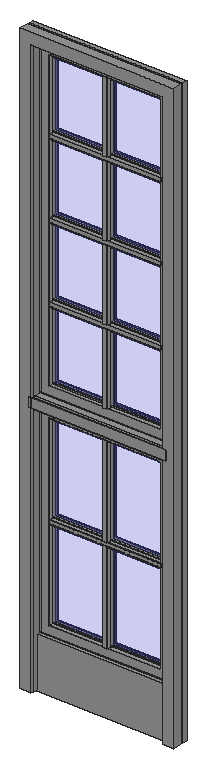
Revit family "MSLSP RH", category Windows, host Wall, Revit 2015
Parameters (values of type "MSLSP RH")
  Sash Height = 1195 mm
  Height = 2090 mm
  Default Lintel Height = 2100 mm
  Wall Closure = By host
  Width = 542 mm
Reference planes
  plane 1 "Center (Front/Back)": y = 0
  plane 2 "Center (Left/Right)": x = 0
  plane 3 "Left": x = -271
  plane 4 "Right": x = 271
  plane 5 "Sill": z = 10
  plane 6 "Head": z = 2100
  plane 7 "Exterior": y = 100
  plane 8 "Interior": y = -100
  plane 9: y = -28.5
  plane 10: y = 23.5
  plane 11: z = 905
Forms (mm)
  Sweep 1, solid, material "Lauan, Meranti"
    path origin (0, 100, 0) x (-1, 0, 0) y (0, 0, -1)
      loop
        line (271, -10) -> (271, -2100) -> (-271, -2100) -> (-271, -10)
    profile origin (0, 100, 2100) x (0, 0, 1) y (0, -1, 0)
      loop
        line (0, 71.5) -> (0, 86.5) -> (-10, 86.5) -> (-10, 94.5) -> (0, 94.5) -> (0, 128.5) -> (-39, 128.5) -> (-39, 122.5) -> (-44, 122.5) -> (-44, 96.5) -> (-40.5, 96.5) -> (-40.5, 102.5) -> (-37.5, 102.5) -> (-37.5, 96.5) -> (-29, 96.5) -> (-29, 71.5) -> (0, 71.5)
  Extrusion 2, solid, material "Lauan, Meranti"
    sketch origin (271, 0, 0) x (0, -1, 0) y (0, 0, -1)
      loop
        line (28.5, -910) -> (22.5, -910) -> (22.5, -905) -> (-3.5, -905) -> (-3.5, -908.5) -> (2.5, -908.5) -> (2.5, -911.5) -> (-3.5, -911.5) -> (-3.5, -920) -> (-28.5, -920) -> (-28.5, -934) -> (-3.5, -934) -> (-3.5, -942.5) -> (2.5, -942.5) -> (2.5, -945.5) -> (-3.5, -945.5) -> (-3.5, -949) -> (22.5, -949) -> (22.5, -944) -> (28.5, -944) -> (28.5, -910)
    from -513 to -29
  Extrusion 3, solid, material "Lauan, Meranti"
    sketch origin (271, 0, 0) x (0, -1, 0) y (0, 0, -1)
      loop
        line (-28.5, -10) -> (-28.5, -175) -> (-3.5, -175) -> (-3.5, -183.5) -> (2.5, -183.5) -> (2.5, -186.5) -> (-3.5, -186.5) -> (-3.5, -190) -> (11.5, -190) -> (11.5, -10) -> (-28.5, -10)
    from -513 to -29
  Sweep 4, solid, material "Rubber"
    path origin (10500, 23.5, 2100) x (0, 0, -1) y (-1, 0, 0)
      loop
        line (29, 10742) -> (29, 10258) -> (1166, 10258) -> (1166, 10742) -> (29, 10742)
    profile origin (0, 23.5, 2071) x (0, 0, -1) y (0, 1, 0)
      loop
        line (5, -17) -> (5, -20) -> (9, -20) -> (9, -22.43) -> (8, -22.43) -> (9, -22.698) -> (9, -24.464) -> (8, -24.464) -> (10, -25) -> (12, -24.464) -> (11, -24.464) -> (11, -22.698) -> (12, -22.43) -> (11, -22.43) -> (11, -20) -> (15, -20) -> (15, -17) -> (10, -15) -> (5, -17)
  Sweep 5, solid, material "Rubber"
    path origin (10500, 23.5, 2100) x (0, 0, -1) y (-1, 0, 0)
      loop
        line (1180, 10742) -> (1180, 10258) -> (1925, 10258) -> (1925, 10742) -> (1180, 10742)
    profile origin (0, 23.5, 920) x (0, 0, -1) y (0, 1, 0)
      loop
        line (5, -17) -> (5, -20) -> (9, -20) -> (9, -22.43) -> (8, -22.43) -> (9, -22.698) -> (9, -24.464) -> (8, -24.464) -> (10, -25) -> (12, -24.464) -> (11, -24.464) -> (11, -22.698) -> (12, -22.43) -> (11, -22.43) -> (11, -20) -> (15, -20) -> (15, -17) -> (10, -15) -> (5, -17)
  Sweep 6, solid, material "Lauan, Meranti"
    path origin (10500, 23.5, 2100) x (0, 0, -1) y (-1, 0, 0)
      loop
        line (29, 10742) -> (29, 10258) -> (1166, 10258) -> (1166, 10742) -> (29, 10742)
    profile origin (0, 23.5, 2071) x (0, 0, -1) y (0, 1, 0)
      loop
        line (-5, 5) -> (12, 5) -> (12, -2) -> (14, -2.536) -> (14, -7.464) -> (12, -8) -> (12, -13) -> (10, -13) -> (10, -17) -> (43, -17) -> (43, -14)
        arc (43, -14) -> (47.243, -12.243) -> (49, -8) r 6
        line (49, -8) -> (52, -8) -> (52, 0) -> (43, 0) -> (43, 25) -> (1, 25)
        arc (1, 25) -> (-3.242, 23.243) -> (-5, 19) r 6
        line (-5, 19) -> (-5, 5)
  Extrusion 7, solid, material "Lauan, Meranti"
    sketch origin (0.324, 25, 184.161) x (-1, 0, 0) y (0, -1, 0)
      loop
        line (-6.5, -23.5) -> (6.5, -23.5) -> (6.5, 1.5) -> (15.5, 1.5) -> (15.5, 9.5) -> (12.5, 9.5)
        arc (12.5, 9.5) -> (10.743, 13.743) -> (6.5, 15.5) r 6
        line (6.5, 15.5) -> (6.5, 18.5) -> (-6.5, 18.5) -> (-6.5, 15.5)
        arc (-6.5, 15.5) -> (-10.743, 13.743) -> (-12.5, 9.5) r 6
        line (-12.5, 9.5) -> (-15.5, 9.5) -> (-15.5, 1.5) -> (-6.5, 1.5) -> (-6.5, -23.5)
    from 1590.838 to 1843.838
  Extrusion 8, solid, material "Lauan, Meranti"
    sketch origin (270.924, 0, -15.839) x (0, -1, 0) y (0, 0, -1)
      loop
        line (-48.5, -1777.838) -> (-48.5, -1790.838) -> (-23.5, -1790.838) -> (-23.5, -1799.838) -> (-15.5, -1799.838) -> (-15.5, -1796.838)
        arc (-15.5, -1796.838) -> (-11.257, -1795.081) -> (-9.5, -1790.838) r 6
        line (-9.5, -1790.838) -> (-6.5, -1790.838) -> (-6.5, -1777.838) -> (-9.5, -1777.838)
        arc (-9.5, -1777.838) -> (-11.257, -1773.596) -> (-15.5, -1771.838) r 6
        line (-15.5, -1771.838) -> (-15.5, -1768.838) -> (-23.5, -1768.838) -> (-23.5, -1777.838) -> (-48.5, -1777.838)
      loop
        line (-48.5, -1511.838) -> (-48.5, -1524.838) -> (-23.5, -1524.838) -> (-23.5, -1533.838) -> (-15.5, -1533.838) -> (-15.5, -1530.838)
        arc (-15.5, -1530.838) -> (-11.257, -1529.081) -> (-9.5, -1524.838) r 6
        line (-9.5, -1524.838) -> (-6.5, -1524.838) -> (-6.5, -1511.838) -> (-9.5, -1511.838)
        arc (-9.5, -1511.838) -> (-11.257, -1507.596) -> (-15.5, -1505.838) r 6
        line (-15.5, -1505.838) -> (-15.5, -1502.838) -> (-23.5, -1502.838) -> (-23.5, -1511.838) -> (-48.5, -1511.838)
      loop
        line (-48.5, -1245.838) -> (-48.5, -1258.838) -> (-23.5, -1258.838) -> (-23.5, -1267.838) -> (-15.5, -1267.838) -> (-15.5, -1264.838)
        arc (-15.5, -1264.838) -> (-11.257, -1263.081) -> (-9.5, -1258.838) r 6
        line (-9.5, -1258.838) -> (-6.5, -1258.838) -> (-6.5, -1245.838) -> (-9.5, -1245.838)
        arc (-9.5, -1245.838) -> (-11.257, -1241.596) -> (-15.5, -1239.838) r 6
        line (-15.5, -1239.838) -> (-15.5, -1236.838) -> (-23.5, -1236.838) -> (-23.5, -1245.838) -> (-48.5, -1245.838)
      loop
        line (-48.5, -556.838) -> (-48.5, -569.838) -> (-23.5, -569.838) -> (-23.5, -578.838) -> (-15.5, -578.838) -> (-15.5, -575.838)
        arc (-15.5, -575.838) -> (-11.257, -574.081) -> (-9.5, -569.838) r 6
        line (-9.5, -569.838) -> (-6.5, -569.838) -> (-6.5, -556.838) -> (-9.5, -556.838)
        arc (-9.5, -556.838) -> (-11.257, -552.596) -> (-15.5, -550.838) r 6
        line (-15.5, -550.838) -> (-15.5, -547.838) -> (-23.5, -547.838) -> (-23.5, -556.838) -> (-48.5, -556.838)
    from -469.924 to -71.925
  Extrusion 9, solid, material "Lauan, Meranti"
    sketch origin (0.324, 25, -15.264) x (-1, 0, 0) y (0, -1, 0)
      loop
        line (-6.5, -23.5) -> (6.5, -23.5) -> (6.5, 1.5) -> (15.5, 1.5) -> (15.5, 9.5) -> (12.5, 9.5)
        arc (12.5, 9.5) -> (10.743, 13.743) -> (6.5, 15.5) r 6
        line (6.5, 15.5) -> (6.5, 18.5) -> (-6.5, 18.5) -> (-6.5, 15.5)
        arc (-6.5, 15.5) -> (-10.743, 13.743) -> (-12.5, 9.5) r 6
        line (-12.5, 9.5) -> (-15.5, 9.5) -> (-15.5, 1.5) -> (-6.5, 1.5) -> (-6.5, -23.5)
    from 1524.263 to 1777.263
  Extrusion 10, solid, material "Lauan, Meranti"
    sketch origin (0.324, 25, -214.688) x (-1, 0, 0) y (0, -1, 0)
      loop
        line (-6.5, -23.5) -> (6.5, -23.5) -> (6.5, 1.5) -> (15.5, 1.5) -> (15.5, 9.5) -> (12.5, 9.5)
        arc (12.5, 9.5) -> (10.743, 13.743) -> (6.5, 15.5) r 6
        line (6.5, 15.5) -> (6.5, 18.5) -> (-6.5, 18.5) -> (-6.5, 15.5)
        arc (-6.5, 15.5) -> (-10.743, 13.743) -> (-12.5, 9.5) r 6
        line (-12.5, 9.5) -> (-15.5, 9.5) -> (-15.5, 1.5) -> (-6.5, 1.5) -> (-6.5, -23.5)
    from 1457.688 to 1710.688
  Extrusion 11, solid, material "Lauan, Meranti"
    sketch origin (0.324, 25, -414.113) x (-1, 0, 0) y (0, -1, 0)
      loop
        line (-6.5, -23.5) -> (6.5, -23.5) -> (6.5, 1.5) -> (15.5, 1.5) -> (15.5, 9.5) -> (12.5, 9.5)
        arc (12.5, 9.5) -> (10.743, 13.743) -> (6.5, 15.5) r 6
        line (6.5, 15.5) -> (6.5, 18.5) -> (-6.5, 18.5) -> (-6.5, 15.5)
        arc (-6.5, 15.5) -> (-10.743, 13.743) -> (-12.5, 9.5) r 6
        line (-12.5, 9.5) -> (-15.5, 9.5) -> (-15.5, 1.5) -> (-6.5, 1.5) -> (-6.5, -23.5)
    from 1391.114 to 1644.113
  Extrusion 12, solid, material "Glass"
    sketch origin (10500, 23.5, 2100) x (0, 0, -1) y (-1, 0, 0)
      loop
        line (72, 10699) -> (72, 10506.176) -> (325, 10506.176) -> (325, 10699) -> (72, 10699)
      loop
        line (72, 10493.176) -> (72, 10301) -> (325, 10301) -> (325, 10493.176) -> (72, 10493.176)
      loop
        line (338, 10699) -> (338, 10506.176) -> (591, 10506.176) -> (591, 10699) -> (338, 10699)
      loop
        line (338, 10493.176) -> (338, 10301) -> (591, 10301) -> (591, 10493.176) -> (338, 10493.176)
      loop
        line (604, 10699) -> (604, 10506.176) -> (857, 10506.176) -> (857, 10699) -> (604, 10699)
      loop
        line (604, 10493.176) -> (604, 10301) -> (857, 10301) -> (857, 10493.176) -> (604, 10493.176)
      loop
        line (870, 10699) -> (870, 10506.176) -> (1123, 10506.176) -> (1123, 10699) -> (870, 10699)
      loop
        line (870, 10493.176) -> (870, 10301) -> (1123, 10301) -> (1123, 10493.176) -> (870, 10493.176)
      loop
        line (1223, 10699) -> (1223, 10506.176) -> (1546, 10506.176) -> (1546, 10699) -> (1223, 10699)
      loop
        line (1223, 10493.176) -> (1223, 10301) -> (1546, 10301) -> (1546, 10493.176) -> (1223, 10493.176)
      loop
        line (1559, 10699) -> (1559, 10506.176) -> (1882, 10506.176) -> (1882, 10699) -> (1559, 10699)
      loop
        line (1559, 10493.176) -> (1559, 10301.012) -> (1881.987, 10301.012) -> (1881.987, 10493.176) -> (1559, 10493.176)
    from 0 to 6.4
  Sweep 13, solid, material "Lauan, Meranti"
    path origin (0, 100, 0) x (-1, 0, 0) y (0, 0, -1)
      loop
        line (199, -2028) -> (199, -1775) -> (6.176, -1775) -> (6.176, -2028) -> (199, -2028)
    profile origin (-102.588, 100, 2028) x (0, 0, 1) y (0, -1, 0)
      loop
        line (0, 62.1) -> (0, 70.1) -> (-9, 70.1) -> (-9, 68.1) -> (-7, 68.1)
        arc (-7, 68.1) -> (-4.67, 63.734) -> (0, 62.1) r 6.807
  Sweep 14, solid, material "Lauan, Meranti"
    path origin (205.824, 100, 0) x (-1, 0, 0) y (0, 0, -1)
      loop
        line (199, -2028) -> (199, -1775) -> (6.824, -1775) -> (6.824, -2028) -> (199, -2028)
    profile origin (102.912, 100, 2028) x (0, 0, 1) y (0, -1, 0)
      loop
        line (0, 62.1) -> (0, 70.1) -> (-9, 70.1) -> (-9, 68.1) -> (-7, 68.1)
        arc (-7, 68.1) -> (-4.67, 63.734) -> (0, 62.1) r 6.807
  Sweep 15, solid, material "Lauan, Meranti"
    path origin (0, 100, -266) x (-1, 0, 0) y (0, 0, -1)
      loop
        line (199, -2028) -> (199, -1775) -> (6.176, -1775) -> (6.176, -2028) -> (199, -2028)
    profile origin (-102.588, 100, 1762) x (0, 0, 1) y (0, -1, 0)
      loop
        line (0, 62.1) -> (0, 70.1) -> (-9, 70.1) -> (-9, 68.1) -> (-7, 68.1)
        arc (-7, 68.1) -> (-4.67, 63.734) -> (0, 62.1) r 6.807
  Sweep 16, solid, material "Lauan, Meranti"
    path origin (205.824, 100, -266) x (-1, 0, 0) y (0, 0, -1)
      loop
        line (199, -2028) -> (199, -1775) -> (6.824, -1775) -> (6.824, -2028) -> (199, -2028)
    profile origin (102.912, 100, 1762) x (0, 0, 1) y (0, -1, 0)
      loop
        line (0, 62.1) -> (0, 70.1) -> (-9, 70.1) -> (-9, 68.1) -> (-7, 68.1)
        arc (-7, 68.1) -> (-4.67, 63.734) -> (0, 62.1) r 6.807
  Sweep 17, solid, material "Lauan, Meranti"
    path origin (0, 100, -532) x (-1, 0, 0) y (0, 0, -1)
      loop
        line (199, -2028) -> (199, -1775) -> (6.176, -1775) -> (6.176, -2028) -> (199, -2028)
    profile origin (-102.588, 100, 1496) x (0, 0, 1) y (0, -1, 0)
      loop
        line (0, 62.1) -> (0, 70.1) -> (-9, 70.1) -> (-9, 68.1) -> (-7, 68.1)
        arc (-7, 68.1) -> (-4.67, 63.734) -> (0, 62.1) r 6.807
  Sweep 18, solid, material "Lauan, Meranti"
    path origin (205.824, 100, -532) x (-1, 0, 0) y (0, 0, -1)
      loop
        line (199, -2028) -> (199, -1775) -> (6.824, -1775) -> (6.824, -2028) -> (199, -2028)
    profile origin (102.912, 100, 1496) x (0, 0, 1) y (0, -1, 0)
      loop
        line (0, 62.1) -> (0, 70.1) -> (-9, 70.1) -> (-9, 68.1) -> (-7, 68.1)
        arc (-7, 68.1) -> (-4.67, 63.734) -> (0, 62.1) r 6.807
  Sweep 19, solid, material "Lauan, Meranti"
    path origin (0, 100, -798) x (-1, 0, 0) y (0, 0, -1)
      loop
        line (199, -2028) -> (199, -1775) -> (6.176, -1775) -> (6.176, -2028) -> (199, -2028)
    profile origin (-102.588, 100, 1230) x (0, 0, 1) y (0, -1, 0)
      loop
        line (0, 62.1) -> (0, 70.1) -> (-9, 70.1) -> (-9, 68.1) -> (-7, 68.1)
        arc (-7, 68.1) -> (-4.67, 63.734) -> (0, 62.1) r 6.807
  Sweep 20, solid, material "Lauan, Meranti"
    path origin (205.824, 100, -798) x (-1, 0, 0) y (0, 0, -1)
      loop
        line (199, -2028) -> (199, -1775) -> (6.824, -1775) -> (6.824, -2028) -> (199, -2028)
    profile origin (102.912, 100, 1230) x (0, 0, 1) y (0, -1, 0)
      loop
        line (0, 62.1) -> (0, 70.1) -> (-9, 70.1) -> (-9, 68.1) -> (-7, 68.1)
        arc (-7, 68.1) -> (-4.67, 63.734) -> (0, 62.1) r 6.807
  Sweep 21, solid, material "Lauan, Meranti"
    path origin (10500, 23.5, 2100) x (0, 0, -1) y (-1, 0, 0)
      loop
        line (1180, 10742) -> (1180, 10258) -> (1925, 10258) -> (1925, 10742) -> (1180, 10742)
    profile origin (0, 23.5, 920) x (0, 0, -1) y (0, 1, 0)
      loop
        line (-5, 5) -> (12, 5) -> (12, -2) -> (14, -2.536) -> (14, -7.464) -> (12, -8) -> (12, -13) -> (10, -13) -> (10, -17) -> (43, -17) -> (43, -14)
        arc (43, -14) -> (47.243, -12.243) -> (49, -8) r 6
        line (49, -8) -> (52, -8) -> (52, 0) -> (43, 0) -> (43, 25) -> (1, 25)
        arc (1, 25) -> (-3.242, 23.243) -> (-5, 19) r 6
        line (-5, 19) -> (-5, 5)
  Extrusion 22, solid, material "Lauan, Meranti"
    sketch origin (0.324, 25, -1173.114) x (-1, 0, 0) y (0, -1, 0)
      loop
        line (-6.5, -23.5) -> (6.5, -23.5) -> (6.5, 1.5) -> (15.5, 1.5) -> (15.5, 9.5) -> (12.5, 9.5)
        arc (12.5, 9.5) -> (10.743, 13.743) -> (6.5, 15.5) r 6
        line (6.5, 15.5) -> (6.5, 18.5) -> (-6.5, 18.5) -> (-6.5, 15.5)
        arc (-6.5, 15.5) -> (-10.743, 13.743) -> (-12.5, 9.5) r 6
        line (-12.5, 9.5) -> (-15.5, 9.5) -> (-15.5, 1.5) -> (-6.5, 1.5) -> (-6.5, -23.5)
    from 1391.114 to 1714.113
  Extrusion 23, solid, material "Lauan, Meranti"
    sketch origin (0.324, 25, -837.114) x (-1, 0, 0) y (0, -1, 0)
      loop
        line (-6.5, -23.5) -> (6.5, -23.5) -> (6.5, 1.5) -> (15.5, 1.5) -> (15.5, 9.5) -> (12.5, 9.5)
        arc (12.5, 9.5) -> (10.743, 13.743) -> (6.5, 15.5) r 6
        line (6.5, 15.5) -> (6.5, 18.5) -> (-6.5, 18.5) -> (-6.5, 15.5)
        arc (-6.5, 15.5) -> (-10.743, 13.743) -> (-12.5, 9.5) r 6
        line (-12.5, 9.5) -> (-15.5, 9.5) -> (-15.5, 1.5) -> (-6.5, 1.5) -> (-6.5, -23.5)
    from 1391.114 to 1714.113
  Sweep 24, solid, material "Lauan, Meranti"
    path origin (10500, 23.5, 2100) x (0, 0, -1) y (-1, 0, 0)
      loop
        line (1223.013, 10698.988) -> (1223.013, 10506.176) -> (1546, 10506.176) -> (1546, 10698.988) -> (1223.013, 10698.988)
    profile origin (-102.582, 23.5, 876.987) x (0, 0, -1) y (0, 1, 0)
      loop
        line (-0.011, 14.4) -> (-0.011, 6.4) -> (8.989, 6.4) -> (8.989, 8.4) -> (6.989, 8.4)
        arc (6.989, 8.4) -> (4.659, 12.766) -> (-0.011, 14.4) r 6.807
  Sweep 25, solid, material "Lauan, Meranti"
    path origin (10705.824, 23.5, 2100) x (0, 0, -1) y (-1, 0, 0)
      loop
        line (1223, 10699) -> (1223, 10506.824) -> (1546, 10506.824) -> (1546, 10699) -> (1223, 10699)
    profile origin (102.912, 23.5, 877) x (0, 0, -1) y (0, 1, 0)
      loop
        line (-0.011, 14.4) -> (-0.011, 6.4) -> (8.989, 6.4) -> (8.989, 8.4) -> (6.989, 8.4)
        arc (6.989, 8.4) -> (4.659, 12.766) -> (-0.011, 14.4) r 6.807
  Sweep 26, solid, material "Lauan, Meranti"
    path origin (10500, 23.5, 1764) x (0, 0, -1) y (-1, 0, 0)
      loop
        line (1223, 10699) -> (1223, 10506.176) -> (1546, 10506.176) -> (1546, 10699) -> (1223, 10699)
    profile origin (-102.588, 23.5, 541) x (0, 0, -1) y (0, 1, 0)
      loop
        line (-0.011, 14.4) -> (-0.011, 6.4) -> (8.989, 6.4) -> (8.989, 8.4) -> (6.989, 8.4)
        arc (6.989, 8.4) -> (4.659, 12.766) -> (-0.011, 14.4) r 6.807
  Sweep 27, solid, material "Lauan, Meranti"
    path origin (10705.824, 23.5, 1764) x (0, 0, -1) y (-1, 0, 0)
      loop
        line (1223, 10699) -> (1223, 10506.836) -> (1545.988, 10506.836) -> (1545.988, 10699) -> (1223, 10699)
    profile origin (102.906, 23.5, 541) x (0, 0, -1) y (0, 1, 0)
      loop
        line (-0.011, 14.4) -> (-0.011, 6.4) -> (8.989, 6.4) -> (8.989, 8.4) -> (6.989, 8.4)
        arc (6.989, 8.4) -> (4.659, 12.766) -> (-0.011, 14.4) r 6.807
Lines and regions (mm)
  Opening 1
    outline origin (-5000, 100, 0) x (-1, 0, 0) y (0, 0, 1)
      loop
        line (-4729, 10) -> (-4729, 2100) -> (-5271, 2100) -> (-5271, 10) -> (-4729, 10)
  model lines
    curve 1: line (-247, 48.5, 2076) -> (247, 48.5, 1502.5)
    curve 2: line (247, 48.5, 1502.5) -> (-247, 48.5, 929)
Text (mm)
  text "EXTERIOR" at (-1963.203, 1332.353, 0), in view "Ref. Level"
  text "INTERIOR" at (-1981.466, -818.386, 0), in view "Ref. Level"
  text "Exterior" at (0, 923.751, 2943.296), in view "Right"
  text "Exterior" at (0, 1040.484, 2685.409), in view "Left"
Dimensions and locks
  equal spacing: plane 3 "Left", plane 2 "Center (Left/Right)", plane 4 "Right"
  "Width": plane 3 "Left" to plane 4 "Right"
  "Height": plane 5 "Sill" to plane 6 "Head"
  "Default Lintel Height": plane 6 "Head" to level
  locked: plane 7 "Exterior" to host wall at 0
  locked: plane 8 "Interior" to host wall
  locked: plane 10 to plane 9 at 52
  "Sash Height": plane 11 to plane 6 "Head"
  aligned and locked: Sweep 1 to Extrusion 2  (x2)
  aligned and locked: Extrusion 3 to Sweep 5 sketch curve
  aligned and locked: Sweep 5 sketch curve to Extrusion 3
  aligned and locked: Extrusion 8 to Extrusion 11
  aligned and locked: Extrusion 8 to Extrusion 10  (x2)
  aligned and locked: Extrusion 8 to Extrusion 9  (x2)
  aligned and locked: Extrusion 8 to Extrusion 7
  aligned and locked: Extrusion 12 sketch curve to Extrusion 7  (x4)
  aligned and locked: Extrusion 8 to Extrusion 12 sketch curve  (x13)
  aligned and locked: Extrusion 12 sketch curve to Extrusion 8  (x2)
  aligned and locked: Extrusion 12 sketch curve to Extrusion 9  (x4)
  aligned and locked: Extrusion 12 sketch curve to Extrusion 10  (x4)
  aligned and locked: Extrusion 12 sketch curve to Extrusion 11  (x4)
  aligned and locked: Sweep 13 sketch curve to Extrusion 12
  aligned and locked: Sweep 13 sketch curve to Extrusion 7
  aligned and locked: Sweep 14 sketch curve to Extrusion 7
  aligned and locked: Sweep 14 sketch curve to Extrusion 8
  aligned and locked: Sweep 15 sketch curve to Extrusion 8
  aligned and locked: Sweep 15 sketch curve to Extrusion 9
  aligned and locked: Extrusion 8 to Sweep 15 sketch curve
  aligned and locked: Extrusion 8 to Sweep 16 sketch curve
  aligned and locked: Sweep 16 sketch curve to Extrusion 9
  aligned and locked: Sweep 16 sketch curve to Extrusion 8
  aligned and locked: Sweep 17 sketch curve to Extrusion 8
  aligned and locked: Extrusion 8 to Sweep 17 sketch curve
  aligned and locked: Sweep 17 sketch curve to Extrusion 10
  aligned and locked: Extrusion 8 to Sweep 18 sketch curve
  aligned and locked: Sweep 18 sketch curve to Extrusion 10
  aligned and locked: Sweep 19 sketch curve to Extrusion 8
  aligned and locked: Sweep 19 sketch curve to Extrusion 11
  aligned and locked: Extrusion 8 to Sweep 20 sketch curve
  aligned and locked: Sweep 20 sketch curve to Extrusion 11
  aligned and locked: Sweep 6 to Extrusion 8
  aligned and locked: Extrusion 12 sketch curve to Extrusion 12 sketch curve  (x4)
  aligned and locked: Sweep 13 sketch curve to Sweep 6  (x2)
  aligned and locked: Sweep 6 to Sweep 14 sketch curve
  aligned and locked: Sweep 14 sketch curve to Sweep 6
  aligned and locked: Sweep 15 sketch curve to Sweep 6
  aligned and locked: Sweep 16 sketch curve to Sweep 6
  aligned and locked: Sweep 17 sketch curve to Sweep 6
  aligned and locked: Sweep 18 sketch curve to Sweep 6
  aligned and locked: Sweep 18 sketch curve to Extrusion 8
  aligned and locked: Sweep 19 sketch curve to Sweep 6
  aligned and locked: Sweep 6 to Sweep 19 sketch curve
  aligned and locked: Sweep 20 sketch curve to Sweep 6  (x2)
  aligned and locked: Extrusion 3 to Sweep 21 sketch curve
  aligned and locked: Sweep 21 sketch curve to Extrusion 3
  aligned and locked: Extrusion 8 to Extrusion 22
  aligned and locked: Sweep 21 to Extrusion 22
  aligned and locked: Sweep 21 to Extrusion 23
  aligned and locked: Sweep 21 to Extrusion 12 sketch curve
  aligned and locked: Extrusion 12 sketch curve to Sweep 21  (x3)
  aligned and locked: Extrusion 12 sketch curve to Extrusion 23  (x4)
  aligned and locked: Extrusion 12 sketch curve to Extrusion 22  (x4)
  aligned and locked: Sweep 24 sketch curve to Sweep 21  (x2)
  aligned and locked: Sweep 24 sketch curve to Extrusion 12
  aligned and locked: Extrusion 12 to Sweep 24 sketch curve
  aligned and locked: Sweep 25 sketch curve to Extrusion 12  (x3)
  aligned and locked: Extrusion 8 to Sweep 25 sketch curve
  aligned and locked: Extrusion 8 to Sweep 26 sketch curve
  aligned and locked: Sweep 26 sketch curve to Extrusion 12  (x3)
  aligned and locked: Extrusion 8 to Sweep 27 sketch curve
  aligned and locked: Sweep 27 sketch curve to Extrusion 12  (x3)
Automatic sketch dimensions
  plane 4 "Right" to curve 2 = 24 mm
  plane 6 "Head" to curve 2 = 597.5 mm
  curve 1 to plane 3 "Left" = 24 mm
  curve 2 to plane 3 "Left" = 24 mm
  plane 11 to curve 2 = 24 mm
  plane 6 "Head" to curve 1 = 24 mm
  plane 4 "Right" to Opening 1 sketch curve = 0 mm
  plane 3 "Left" to Opening 1 sketch curve = 0 mm
  Opening 1 sketch curve to plane 5 "Sill" = 0 mm
  Opening 1 sketch curve to plane 6 "Head" = 0 mm
  plane 4 "Right" to Sweep 1 sketch curve = 0 mm
  plane 3 "Left" to Sweep 1 sketch curve = 0 mm
  Sweep 1 sketch curve to plane 6 "Head" = 0 mm
  Sweep 1 sketch curve to plane 5 "Sill" = 0 mm  (x2)
  profile plane to Sweep 1 sketch curve = 0 mm  (x2)
  profile plane to Sweep 1 sketch curve = 10 mm
  Sweep 1 sketch curve to Sweep 1 sketch curve = 19 mm
  Sweep 1 sketch curve to Sweep 1 sketch curve = 8.5 mm
  Sweep 1 sketch curve to Sweep 1 sketch curve = 1.5 mm
  Sweep 1 sketch curve to Sweep 1 sketch curve = 3 mm
  Sweep 1 sketch curve to Sweep 1 sketch curve = 5 mm
  profile plane to Sweep 1 sketch curve = 71.5 mm
  Sweep 1 sketch curve to Sweep 1 sketch curve = 15 mm
  Sweep 1 sketch curve to Sweep 1 sketch curve = 8 mm
  Sweep 1 sketch curve to Sweep 1 sketch curve = 25 mm
  Sweep 1 sketch curve to Sweep 1 sketch curve = 0 mm
  Sweep 1 sketch curve to Sweep 1 sketch curve = 6 mm
  Sweep 1 sketch curve to Sweep 1 sketch curve = 20 mm
  Sweep 1 sketch curve to Sweep 1 sketch curve = 34 mm
  Extrusion 2 sketch curve to plane 11 = 0 mm
  Extrusion 2 sketch curve to plane 9 = 0 mm
  plane 9 to Extrusion 2 sketch curve = 6 mm  (x2)
  host wall to Extrusion 2 sketch curve = 2.5 mm  (x2)
  Extrusion 2 sketch curve to host wall = 3.5 mm  (x3)
  Extrusion 2 sketch curve to Extrusion 2 sketch curve = 0 mm
  plane 10 to Extrusion 2 sketch curve = 5 mm
  plane 11 to Extrusion 2 sketch curve = 3.5 mm
  plane 11 to Extrusion 2 sketch curve = 5 mm
  Extrusion 2 sketch curve to Extrusion 2 sketch curve = 3 mm  (x2)
  Extrusion 2 sketch curve to Extrusion 2 sketch curve = 8.5 mm  (x2)
  Extrusion 2 sketch curve to Extrusion 2 sketch curve = 14 mm
  Extrusion 2 sketch curve to Extrusion 2 sketch curve = 1.5 mm
  Extrusion 2 sketch curve to Extrusion 2 sketch curve = 5 mm
  plane 5 "Sill" to Extrusion 3 sketch curve = 0 mm
  plane 10 to Extrusion 3 sketch curve = 5 mm
  Extrusion 3 sketch curve to host wall = 3.5 mm
  Extrusion 3 sketch curve to Extrusion 3 sketch curve = 0 mm
  host wall to Extrusion 3 sketch curve = 2.5 mm
  host wall to Extrusion 3 sketch curve = 11.5 mm
  Extrusion 3 sketch curve to plane 5 "Sill" = 165 mm
  Extrusion 3 sketch curve to Extrusion 3 sketch curve = 8.5 mm
  Extrusion 3 sketch curve to Extrusion 3 sketch curve = 3 mm
  Extrusion 3 sketch curve to Extrusion 3 sketch curve = 3.5 mm
  plane 6 "Head" to Sweep 4 sketch curve = 29 mm
  plane 11 to Sweep 4 sketch curve = 29 mm
  plane 4 "Right" to Sweep 4 sketch curve = 29 mm
  Sweep 4 sketch curve to plane 3 "Left" = 29 mm
  Sweep 4 sketch curve to profile plane = 5 mm
  Sweep 4 sketch curve to Sweep 4 sketch curve = 3 mm  (x4)
  Sweep 4 sketch curve to Sweep 4 sketch curve = 0 mm  (x3)
  Sweep 4 sketch curve to Sweep 4 sketch curve = 1 mm  (x6)
  Sweep 4 sketch curve to Sweep 4 sketch curve = 2 mm
  Sweep 4 sketch curve to profile plane = 25 mm
  Sweep 4 sketch curve to Sweep 4 sketch curve = 0.536 mm  (x2)
  Sweep 4 sketch curve to Sweep 4 sketch curve = 1.766 mm  (x2)
  Sweep 4 sketch curve to Sweep 4 sketch curve = 0.268 mm  (x2)
  Sweep 4 sketch curve to Sweep 4 sketch curve = 2.43 mm
  Sweep 4 sketch curve to Sweep 4 sketch curve = 5 mm
  plane 11 to Sweep 5 sketch curve = 15 mm
  Sweep 5 sketch curve to plane 3 "Left" = 29 mm
  Sweep 5 sketch curve to profile plane = 5 mm
  Sweep 5 sketch curve to Sweep 5 sketch curve = 3 mm  (x3)
  Sweep 5 sketch curve to Sweep 5 sketch curve = 0 mm  (x3)
  Sweep 5 sketch curve to Sweep 5 sketch curve = 1 mm  (x5)
  Sweep 5 sketch curve to Sweep 5 sketch curve = 2 mm  (x2)
  Sweep 5 sketch curve to Sweep 5 sketch curve = 4 mm
  Sweep 5 sketch curve to profile plane = 25 mm
  Sweep 5 sketch curve to Sweep 5 sketch curve = 0.536 mm  (x2)
  Sweep 5 sketch curve to Sweep 5 sketch curve = 1.766 mm  (x2)
  Sweep 5 sketch curve to Sweep 5 sketch curve = 0.268 mm  (x2)
  Sweep 5 sketch curve to Sweep 5 sketch curve = 2.43 mm
  Sweep 5 sketch curve to Sweep 5 sketch curve = 5 mm
  plane 6 "Head" to Sweep 6 sketch curve = 29 mm
  plane 11 to Sweep 6 sketch curve = 29 mm
  plane 4 "Right" to Sweep 6 sketch curve = 29 mm
  Sweep 6 sketch curve to plane 3 "Left" = 29 mm
  Sweep 6 sketch curve to profile plane = 0 mm
  profile plane to Sweep 6 sketch curve = 5 mm  (x2)
  Sweep 6 sketch curve to profile plane = 1 mm
  Sweep 6 sketch curve to profile plane = 10 mm
  Sweep 6 sketch curve to Sweep 6 sketch curve = 2 mm  (x2)
  Sweep 6 sketch curve to profile plane = 2 mm
  Sweep 6 sketch curve to Sweep 6 sketch curve = 0 mm  (x2)
  Sweep 6 sketch curve to profile plane = 14 mm
  Sweep 6 sketch curve to Sweep 6 sketch curve = 29 mm
  Sweep 6 sketch curve to Sweep 6 sketch curve = 6 mm
  Sweep 6 sketch curve to Sweep 6 sketch curve = 3 mm  (x2)
  Sweep 6 sketch curve to Sweep 6 sketch curve = 4 mm
  Sweep 6 sketch curve to Sweep 6 sketch curve = 5 mm
  Sweep 6 sketch curve to Sweep 6 sketch curve = 0.536 mm  (x2)
  Sweep 6 sketch curve to Sweep 6 sketch curve = 14 mm
  Extrusion 7 sketch curve to plane 10 = 0 mm  (x2)
  Extrusion 7 sketch curve to plane 2 "Center (Left/Right)" = 15.824 mm
  Extrusion 7 sketch curve to Extrusion 7 sketch curve = 3 mm  (x3)
  Extrusion 7 sketch curve to plane 2 "Center (Left/Right)" = 6.824 mm  (x2)
  plane 2 "Center (Left/Right)" to Extrusion 7 sketch curve = 6.176 mm  (x2)
  Extrusion 7 sketch curve to Extrusion 7 sketch curve = 6 mm
  Extrusion 7 sketch curve to Extrusion 7 sketch curve = 25 mm
  Extrusion 7 sketch curve to plane 10 = 8 mm  (x2)
  Extrusion 8 sketch curve to plane 10 = 0 mm  (x8)
  Extrusion 8 sketch curve to Extrusion 8 sketch curve = 25 mm  (x4)
  Extrusion 8 sketch curve to plane 10 = 8 mm  (x8)
  Extrusion 8 sketch curve to Extrusion 8 sketch curve = 6 mm  (x8)
  Extrusion 8 sketch curve to Extrusion 8 sketch curve = 3 mm  (x12)
  plane 6 "Head" to Extrusion 8 sketch curve = 316 mm
  Extrusion 8 sketch curve to Extrusion 8 sketch curve = 9 mm  (x3)
  Extrusion 8 sketch curve to Extrusion 8 sketch curve = 13 mm  (x7)
  Extrusion 8 sketch curve to Extrusion 8 sketch curve = 235 mm  (x2)
  Extrusion 8 sketch curve to plane 11 = 342 mm
  Extrusion 8 sketch curve to Extrusion 8 sketch curve = 0 mm  (x2)
  Extrusion 9 sketch curve to plane 10 = 0 mm  (x2)
  Extrusion 9 sketch curve to plane 2 "Center (Left/Right)" = 15.824 mm
  Extrusion 9 sketch curve to Extrusion 9 sketch curve = 3 mm  (x3)
  Extrusion 9 sketch curve to plane 2 "Center (Left/Right)" = 6.824 mm  (x2)
  plane 2 "Center (Left/Right)" to Extrusion 9 sketch curve = 6.176 mm  (x2)
  Extrusion 9 sketch curve to Extrusion 9 sketch curve = 6 mm
  Extrusion 9 sketch curve to Extrusion 9 sketch curve = 25 mm
  Extrusion 9 sketch curve to plane 10 = 8 mm  (x2)
  Extrusion 10 sketch curve to plane 10 = 0 mm  (x2)
  Extrusion 10 sketch curve to plane 2 "Center (Left/Right)" = 15.824 mm
  Extrusion 10 sketch curve to Extrusion 10 sketch curve = 3 mm  (x3)
  Extrusion 10 sketch curve to plane 2 "Center (Left/Right)" = 6.824 mm  (x2)
  plane 2 "Center (Left/Right)" to Extrusion 10 sketch curve = 6.176 mm  (x2)
  Extrusion 10 sketch curve to Extrusion 10 sketch curve = 6 mm
  Extrusion 10 sketch curve to Extrusion 10 sketch curve = 25 mm
  Extrusion 10 sketch curve to plane 10 = 8 mm  (x2)
  Extrusion 11 sketch curve to plane 10 = 0 mm  (x2)
  Extrusion 11 sketch curve to plane 2 "Center (Left/Right)" = 15.824 mm
  Extrusion 11 sketch curve to Extrusion 11 sketch curve = 3 mm  (x3)
  Extrusion 11 sketch curve to plane 2 "Center (Left/Right)" = 6.824 mm  (x2)
  plane 2 "Center (Left/Right)" to Extrusion 11 sketch curve = 6.176 mm  (x2)
  Extrusion 11 sketch curve to Extrusion 11 sketch curve = 6 mm
  Extrusion 11 sketch curve to Extrusion 11 sketch curve = 25 mm
  Extrusion 11 sketch curve to plane 10 = 8 mm  (x2)
  Extrusion 12 sketch curve to Extrusion 12 sketch curve = 13 mm
  profile plane to Sweep 13 sketch curve = 0 mm
  profile plane to Sweep 13 sketch curve = 0.241 mm
  Sweep 13 sketch curve to Sweep 13 sketch curve = 6.759 mm
  Sweep 13 sketch curve to Sweep 13 sketch curve = 2 mm  (x2)
  profile plane to Sweep 13 sketch curve = 62.1 mm
  Sweep 13 sketch curve to Sweep 13 sketch curve = 6 mm
  profile plane to Sweep 14 sketch curve = 0 mm
  profile plane to Sweep 14 sketch curve = 0.241 mm
  Sweep 14 sketch curve to Sweep 14 sketch curve = 6.759 mm
  Sweep 14 sketch curve to Sweep 14 sketch curve = 2 mm  (x2)
  profile plane to Sweep 14 sketch curve = 62.1 mm
  Sweep 14 sketch curve to Sweep 14 sketch curve = 6 mm
  profile plane to Sweep 15 sketch curve = 0 mm
  profile plane to Sweep 15 sketch curve = 0.241 mm
  Sweep 15 sketch curve to Sweep 15 sketch curve = 6.759 mm
  Sweep 15 sketch curve to Sweep 15 sketch curve = 2 mm  (x2)
  profile plane to Sweep 15 sketch curve = 62.1 mm
  Sweep 15 sketch curve to Sweep 15 sketch curve = 6 mm
  profile plane to Sweep 16 sketch curve = 0 mm
  profile plane to Sweep 16 sketch curve = 0.241 mm
  Sweep 16 sketch curve to Sweep 16 sketch curve = 6.759 mm
  Sweep 16 sketch curve to Sweep 16 sketch curve = 2 mm  (x2)
  profile plane to Sweep 16 sketch curve = 62.1 mm
  Sweep 16 sketch curve to Sweep 16 sketch curve = 6 mm
  profile plane to Sweep 17 sketch curve = 0 mm
  profile plane to Sweep 17 sketch curve = 0.241 mm
  Sweep 17 sketch curve to Sweep 17 sketch curve = 6.759 mm
  Sweep 17 sketch curve to Sweep 17 sketch curve = 2 mm  (x2)
  profile plane to Sweep 17 sketch curve = 62.1 mm
  Sweep 17 sketch curve to Sweep 17 sketch curve = 6 mm
  profile plane to Sweep 18 sketch curve = 0 mm
  profile plane to Sweep 18 sketch curve = 0.241 mm
  Sweep 18 sketch curve to Sweep 18 sketch curve = 6.759 mm
  Sweep 18 sketch curve to Sweep 18 sketch curve = 2 mm  (x2)
  profile plane to Sweep 18 sketch curve = 62.1 mm
  Sweep 18 sketch curve to Sweep 18 sketch curve = 6 mm
  profile plane to Sweep 19 sketch curve = 0 mm
  profile plane to Sweep 19 sketch curve = 0.241 mm
  Sweep 19 sketch curve to Sweep 19 sketch curve = 6.759 mm
  Sweep 19 sketch curve to Sweep 19 sketch curve = 2 mm  (x2)
  profile plane to Sweep 19 sketch curve = 62.1 mm
  Sweep 19 sketch curve to Sweep 19 sketch curve = 6 mm
  profile plane to Sweep 20 sketch curve = 0 mm
  profile plane to Sweep 20 sketch curve = 0.241 mm
  Sweep 20 sketch curve to Sweep 20 sketch curve = 6.759 mm
  Sweep 20 sketch curve to Sweep 20 sketch curve = 2 mm  (x2)
  profile plane to Sweep 20 sketch curve = 62.1 mm
  Sweep 20 sketch curve to Sweep 20 sketch curve = 6 mm
  plane 11 to Sweep 21 sketch curve = 15 mm
  Sweep 21 sketch curve to plane 3 "Left" = 29 mm
  Sweep 21 sketch curve to profile plane = 0 mm
  profile plane to Sweep 21 sketch curve = 5 mm  (x2)
  Sweep 21 sketch curve to profile plane = 1 mm
  Sweep 21 sketch curve to profile plane = 10 mm
  Sweep 21 sketch curve to profile plane = 2 mm
  Sweep 21 sketch curve to Sweep 21 sketch curve = 2 mm  (x3)
  Sweep 21 sketch curve to profile plane = 14 mm
  Sweep 21 sketch curve to Sweep 21 sketch curve = 29 mm
  Sweep 21 sketch curve to Sweep 21 sketch curve = 0 mm
  Sweep 21 sketch curve to Sweep 21 sketch curve = 6 mm
  Sweep 21 sketch curve to Sweep 21 sketch curve = 3 mm  (x2)
  Sweep 21 sketch curve to Sweep 21 sketch curve = 4 mm
  Sweep 21 sketch curve to Sweep 21 sketch curve = 5 mm
  Sweep 21 sketch curve to Sweep 21 sketch curve = 0.536 mm  (x2)
  Sweep 21 sketch curve to Sweep 21 sketch curve = 14 mm
  Extrusion 22 sketch curve to plane 10 = 0 mm  (x2)
  Extrusion 22 sketch curve to plane 2 "Center (Left/Right)" = 15.824 mm
  Extrusion 22 sketch curve to Extrusion 22 sketch curve = 3 mm  (x3)
  Extrusion 22 sketch curve to plane 2 "Center (Left/Right)" = 6.824 mm  (x2)
  plane 2 "Center (Left/Right)" to Extrusion 22 sketch curve = 6.176 mm  (x2)
  Extrusion 22 sketch curve to Extrusion 22 sketch curve = 6 mm
  Extrusion 22 sketch curve to Extrusion 22 sketch curve = 25 mm
  Extrusion 22 sketch curve to plane 10 = 8 mm  (x2)
  Extrusion 23 sketch curve to plane 10 = 0 mm  (x2)
  Extrusion 23 sketch curve to plane 2 "Center (Left/Right)" = 15.824 mm
  Extrusion 23 sketch curve to Extrusion 23 sketch curve = 3 mm  (x3)
  Extrusion 23 sketch curve to plane 2 "Center (Left/Right)" = 6.824 mm  (x2)
  plane 2 "Center (Left/Right)" to Extrusion 23 sketch curve = 6.176 mm  (x2)
  Extrusion 23 sketch curve to Extrusion 23 sketch curve = 6 mm
  Extrusion 23 sketch curve to Extrusion 23 sketch curve = 25 mm
  Extrusion 23 sketch curve to plane 10 = 8 mm  (x2)
  profile plane to Sweep 24 sketch curve = 0.011 mm
  Sweep 24 sketch curve to profile plane = 0.229 mm
  Sweep 24 sketch curve to Sweep 24 sketch curve = 6.759 mm
  Sweep 24 sketch curve to Sweep 24 sketch curve = 2 mm  (x2)
  profile plane to Sweep 24 sketch curve = 6.4 mm
  Sweep 24 sketch curve to Sweep 24 sketch curve = 1.197 mm
  profile plane to Sweep 25 sketch curve = 0.011 mm
  Sweep 25 sketch curve to profile plane = 0.229 mm
  Sweep 25 sketch curve to Sweep 25 sketch curve = 6.759 mm
  Sweep 25 sketch curve to Sweep 25 sketch curve = 2 mm  (x2)
  profile plane to Sweep 25 sketch curve = 6.4 mm
  Sweep 25 sketch curve to Sweep 25 sketch curve = 1.197 mm
  profile plane to Sweep 26 sketch curve = 0.011 mm
  Sweep 26 sketch curve to profile plane = 0.229 mm
  Sweep 26 sketch curve to Sweep 26 sketch curve = 6.759 mm
  Sweep 26 sketch curve to Sweep 26 sketch curve = 2 mm  (x2)
  profile plane to Sweep 26 sketch curve = 6.4 mm
  Sweep 26 sketch curve to Sweep 26 sketch curve = 1.197 mm
  profile plane to Sweep 27 sketch curve = 0.011 mm
  Sweep 27 sketch curve to profile plane = 0.229 mm
  Sweep 27 sketch curve to Sweep 27 sketch curve = 6.759 mm
  Sweep 27 sketch curve to Sweep 27 sketch curve = 2 mm  (x2)
  profile plane to Sweep 27 sketch curve = 6.4 mm
  Sweep 27 sketch curve to Sweep 27 sketch curve = 1.197 mm
